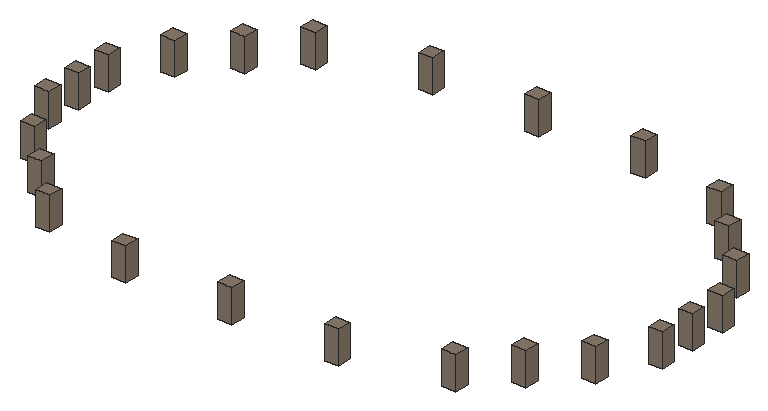
Revit family "AM_Detail_07_Zinc_tower_roof__restored_complete_state", category Generic Models, Revit 2025
Family settings
  Can host rebar = No
  Round Connector Dimension = Use Diameter
  Part Type = Normal
  Work Plane-Based = No
  Always vertical = Yes
  Cut with Voids When Loaded = No
  Maintain Annotation Orientation = No
  Shared = No
  Room Calculation Point = No
Parameters (values of type "Original geometry")
  Description = "AM v1.0.0 architectural ornament. Editable native extrusion sketches; fixed photographic geometry. Not a structural wall/window/roof substitute."
  Default Elevation = 0 mm
Reference planes
  plane 1 "Center (Front/Back)": y = 0
  plane 2: z = 0
  plane 3 "Center (Left/Right)": x = 0
Forms (mm)
  Extrusion 1, solid, material "AM Aged chestnut timber"
    sketch origin (-2540, -5950, 9970.001) x (1, 0, 0) y (0, 1, 0)
      loop
        line (0, 0) -> (-120, 0) -> (-120, -120) -> (0, -120) -> (0, 0)
    from 0 to 279.999
  Extrusion 2, solid, material "AM Aged chestnut timber"
    sketch origin (-2540, -6265, 9970.001) x (1, 0, 0) y (0, 1, 0)
      loop
        line (0, 0) -> (-120, 0) -> (-120, -120) -> (0, -120) -> (0, 0)
    from 0 to 279.999
  Extrusion 3, solid, material "AM Aged chestnut timber"
    sketch origin (-2540, -6580, 9970.001) x (1, 0, 0) y (0, 1, 0)
      loop
        line (0, 0) -> (-120, 0) -> (-120, -120) -> (0, -120) -> (0, 0)
    from 0 to 279.999
  Extrusion 4, solid, material "AM Aged chestnut timber"
    sketch origin (-2320, -7010, 9970.001) x (1, 0, 0) y (0, 1, 0)
      loop
        line (0, 0) -> (-120, 0) -> (-120, -120) -> (0, -120) -> (0, 0)
    from 0 to 279.999
  Extrusion 5, solid, material "AM Aged chestnut timber"
    sketch origin (-1990, -7340, 9970.001) x (1, 0, 0) y (0, 1, 0)
      loop
        line (0, 0) -> (-120, 0) -> (-120, -120) -> (0, -120) -> (0, 0)
    from 0 to 279.999
  Extrusion 6, solid, material "AM Aged chestnut timber"
    sketch origin (-1660, -7670, 9970.001) x (1, 0, 0) y (0, 1, 0)
      loop
        line (0, 0) -> (-120, 0) -> (-120, -120) -> (0, -120) -> (0, 0)
    from 0 to 279.999
  Extrusion 7, solid, material "AM Aged chestnut timber"
    sketch origin (-840, -7890, 9970.001) x (1, 0, 0) y (0, 1, 0)
      loop
        line (0, 0) -> (-120, 0) -> (-120, -120) -> (0, -120) -> (0, 0)
    from 0 to 279.999
  Extrusion 8, solid, material "AM Aged chestnut timber"
    sketch origin (60, -7890, 9970.001) x (1, 0, 0) y (0, 1, 0)
      loop
        line (0, 0) -> (-120, 0) -> (-120, -120) -> (0, -120) -> (0, 0)
    from 0 to 279.999
  Extrusion 9, solid, material "AM Aged chestnut timber"
    sketch origin (960, -7890, 9970.001) x (1, 0, 0) y (0, 1, 0)
      loop
        line (0, 0) -> (-120, 0) -> (-120, -120) -> (0, -120) -> (0, 0)
    from 0 to 279.999
  Extrusion 10, solid, material "AM Aged chestnut timber"
    sketch origin (1780, -7670, 9970.001) x (1, 0, 0) y (0, 1, 0)
      loop
        line (0, 0) -> (-120, 0) -> (-120, -120) -> (0, -120) -> (0, 0)
    from 0 to 279.999
  Extrusion 11, solid, material "AM Aged chestnut timber"
    sketch origin (2110, -7340, 9970.001) x (1, 0, 0) y (0, 1, 0)
      loop
        line (0, 0) -> (-120, 0) -> (-120, -120) -> (0, -120) -> (0, 0)
    from 0 to 279.999
  Extrusion 12, solid, material "AM Aged chestnut timber"
    sketch origin (2440, -7010, 9970.001) x (1, 0, 0) y (0, 1, 0)
      loop
        line (0, 0) -> (-120, 0) -> (-120, -120) -> (0, -120) -> (0, 0)
    from 0 to 279.999
  Extrusion 13, solid, material "AM Aged chestnut timber"
    sketch origin (2660, -6580, 9970.001) x (1, 0, 0) y (0, 1, 0)
      loop
        line (0, 0) -> (-120, 0) -> (-120, -120) -> (0, -120) -> (0, 0)
    from 0 to 279.999
  Extrusion 14, solid, material "AM Aged chestnut timber"
    sketch origin (2660, -6265, 9970.001) x (1, 0, 0) y (0, 1, 0)
      loop
        line (0, 0) -> (-120, 0) -> (-120, -120) -> (0, -120) -> (0, 0)
    from 0 to 279.999
  Extrusion 15, solid, material "AM Aged chestnut timber"
    sketch origin (2660, -5950, 9970.001) x (1, 0, 0) y (0, 1, 0)
      loop
        line (0, 0) -> (-120, 0) -> (-120, -120) -> (0, -120) -> (0, 0)
    from 0 to 279.999
  Extrusion 16, solid, material "AM Aged chestnut timber"
    sketch origin (2440, -5520, 9970.001) x (1, 0, 0) y (0, 1, 0)
      loop
        line (0, 0) -> (-120, 0) -> (-120, -120) -> (0, -120) -> (0, 0)
    from 0 to 279.999
  Extrusion 17, solid, material "AM Aged chestnut timber"
    sketch origin (2110, -5190, 9970.001) x (1, 0, 0) y (0, 1, 0)
      loop
        line (0, 0) -> (-120, 0) -> (-120, -120) -> (0, -120) -> (0, 0)
    from 0 to 279.999
  Extrusion 18, solid, material "AM Aged chestnut timber"
    sketch origin (1780, -4860, 9970.001) x (1, 0, 0) y (0, 1, 0)
      loop
        line (0, 0) -> (-120, 0) -> (-120, -120) -> (0, -120) -> (0, 0)
    from 0 to 279.999
  Extrusion 19, solid, material "AM Aged chestnut timber"
    sketch origin (960, -4640, 9970.001) x (1, 0, 0) y (0, 1, 0)
      loop
        line (0, 0) -> (-120, 0) -> (-120, -120) -> (0, -120) -> (0, 0)
    from 0 to 279.999
  Extrusion 20, solid, material "AM Aged chestnut timber"
    sketch origin (60, -4640, 9970.001) x (1, 0, 0) y (0, 1, 0)
      loop
        line (0, 0) -> (-120, 0) -> (-120, -120) -> (0, -120) -> (0, 0)
    from 0 to 279.999
  Extrusion 21, solid, material "AM Aged chestnut timber"
    sketch origin (-840, -4640, 9970.001) x (1, 0, 0) y (0, 1, 0)
      loop
        line (0, 0) -> (-120, 0) -> (-120, -120) -> (0, -120) -> (0, 0)
    from 0 to 279.999
  Extrusion 22, solid, material "AM Aged chestnut timber"
    sketch origin (-1660, -4860, 9970.001) x (1, 0, 0) y (0, 1, 0)
      loop
        line (0, 0) -> (-120, 0) -> (-120, -120) -> (0, -120) -> (0, 0)
    from 0 to 279.999
  Extrusion 23, solid, material "AM Aged chestnut timber"
    sketch origin (-1990, -5190, 9970.001) x (1, 0, 0) y (0, 1, 0)
      loop
        line (0, 0) -> (-120, 0) -> (-120, -120) -> (0, -120) -> (0, 0)
    from 0 to 279.999
  Extrusion 24, solid, material "AM Aged chestnut timber"
    sketch origin (-2320, -5520, 9970.001) x (1, 0, 0) y (0, 1, 0)
      loop
        line (0, 0) -> (-120, 0) -> (-120, -120) -> (0, -120) -> (0, 0)
    from 0 to 279.999
Dimensions and locks
  aligned and locked: level to plane 2
